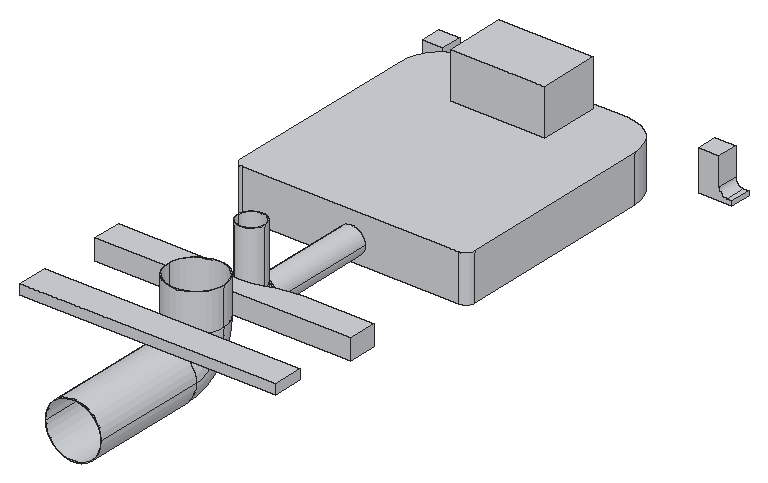
Revit family "Deca_Caixa de descarga embutida para drywall para bacia suspensa_Caixa embutida Hydra_2502.CX.AF", category Plumbing Fixtures, host Face, Revit 2019
Family settings
  Host = Face
  Round Connector Dimension = Use Radius
  Part Type = Normal
  Cut with Voids When Loaded = Yes
  Shared = No
  Room Calculation Point = No
Parameters (values of type "2502.CX.MC.AF")
  Visibilidade Mecanismo Interno = no
  Vazão na Pressão mín. (L/min) = "-"
  Vazão na Pressão máx. (L/min) = "-"
  URL = "www.deca.com.br"
  Tipo de rosca de saída = "BSP NBR 8133"
  Tipo de rosca de entrada = "BSP NBR 8133"
  Tipo de mecanismo utilizado = "-"
  Tipo de dispositivo economizador = "-"
  Segmento = "Válvula Hydra"
  Saída de Esgoto = "-"
  Raio Água Fria Saída = 20 mm  # constant formula
  Raio Água Fria = 7.5 mm  # constant formula
  Raio Ponto de Esgoto = 50 mm  # constant formula
  Pressão mín. funcionamento = "2 MCA"
  Pressão mín. Aquec. Passagem = "-"
  Pressão mín. Aquec. Acúmulo = "-"
  Pressão máx. funcionamento = "40 MCA"
  Peso Líquido (Kg) = 14.8
  Norma = "NBR15491"
  Model = "2502.CX.MC.AF"
  Manufacturer = "Deca"
  Linha = "Caixa embutida Hydra"
  Itens de Instalação = "4900.C.HPR.DUO; 4900.C.HSL.DUO; 4900.E.HSL.DUO.BR"
  Informações Complementares = "-"
  Diâmetro Água Fria Saída = 2 * Raio Água Fria Saída  # 40 mm
  Diâmetro Água Fria = 2 * Raio Água Fria  # 15 mm
  Diâmetro Ponto de Esgoto = 2 * Raio Ponto de Esgoto  # 100 mm
  Distância [instance] = 13.5 mm
  Description = "Caixa de descarga embutida para drywall para bacia suspensa"
  Default Elevation = 0 mm
  Código Pai = "2502.CX.AF"
  Criado por = "quattroD"
  Cores Componente = "-"
  Cor Secundária = "-"
  Cor Principal = "Não Possui"
  Cor Interna = "-"
  Consumo = "6 / 3 (lpf) - 1,6 / 0,8 (gpf)"
  Composição Componente = "-"
  Composição Básica = "Liga de Cobre (bronze e latão),Plásticos de Engenharia,Elastômeros"
  Composição Assento = "-"
  Composição Anel Vedação = "-"
  Categoria = "SISTEMAS DE DESCARGA"
  Atendimento ao Cliente = "0800-0117073"
  Aprovado por = "quattroD"
  Acompanha o Produto = "Acompanha varão para fixação do vaso; porcas e arruelas para fixação do vaso;  acabamento para as porcas; spud e canopla; Conexão para esgoto; suporte com chumbadores para fixação no piso"
Reference planes
  plane 1 "Center (Front/Back)": y = -527.87
  plane 2: z = 0
  plane 3 "Center (Left/Right)": x = 0
  plane 4: z = -13.5
  plane 5: z = -12.5
Forms (mm)
  Sweep 1, solid
    path origin (0, 0, -133.5) x (0, 1, 0) y (0, 0, 1)
      loop
        line (-200.599, 209.1) -> (-200.599, 100) -> (-200.599, 94.127)
        arc (-200.599, 94.127) -> (-192.38, 74.285) -> (-172.539, 66.067) r 28.06
        line (-172.539, 66.067) -> (-168.703, 66.067) -> (46.297, 66.067)
    profile origin (0, -200.599, -36.437) x (1, 0, 0) y (0, 1, 0)
      loop
        circle (0, 0) r 27
      loop
        circle (0, 0) r 26
  Sweep 2, solid, not visible
    path origin (0, 0, -132.5) x (0, 1, 0) y (0, 0, 1)
      loop
        line (-200.599, 209.1) -> (-200.599, 100) -> (-200.599, 94.127)
        arc (-200.599, 94.127) -> (-192.38, 74.285) -> (-172.539, 66.067) r 28.06
        line (-172.539, 66.067) -> (-168.703, 66.067) -> (46.297, 66.067)
    profile origin (0, -200.599, -35.437) x (1, 0, 0) y (0, 1, 0)
      loop
        circle (0, 0) r 27
      loop
        circle (0, 0) r 26
  Extrusion 3, void
    sketch origin (-250, 0, 0) x (1, 0, 0) y (0, 1, 0)
      loop
        circle (250, -200.599) r 27
      loop
        circle (250, -335.103) r 55
      loop
        line (158.103, 402.88) -> (341.897, 402.88) -> (342.103, 521.38) -> (157.897, 521.38) -> (158.103, 402.88)
    from -402.928 to 250
  Extrusion 4, solid
    sketch origin (0, 0, 0) x (1, 0, 0) y (0, 1, 0)
      loop
        line (-228.868, 451.874) -> (-228.868, 61.352)
        arc (-228.868, 61.352) -> (-223.814, 49.151) -> (-211.612, 44.097) r 17.256
        line (-211.612, 44.097) -> (211.603, 44.097)
        arc (211.603, 44.097) -> (223.799, 49.148) -> (228.851, 61.344) r 17.248
        line (228.851, 61.344) -> (228.851, 451.872)
        arc (228.851, 451.872) -> (205.514, 508.213) -> (149.173, 531.55) r 79.678
        line (149.173, 531.55) -> (-149.169, 531.55)
        arc (-149.169, 531.55) -> (-205.508, 508.213) -> (-228.868, 451.874) r 79.675
    from -104 to -13.5
  Sweep 5, solid
    path origin (0, 0, 0) x (0, 1, 0) y (0, 0, 1)
      loop
        line (-335.25, 38.854) -> (-335.25, -33.376)
        arc (-335.25, -33.376) -> (-355.546, -82.374) -> (-404.544, -102.669) r 69.294
        line (-404.544, -102.669) -> (-635.004, -102.669)
    profile origin (0, -335.25, 2.739) x (1, 0, 0) y (0, 1, 0)
      loop
        circle (0, 0) r 55
      loop
        circle (0, 0) r 54
  Extrusion 6, solid
    sketch origin (0, 0, 0) x (1, 0, 0) y (0, 1, 0)
      loop
        arc (-63.027, -220.206) -> (-86.225, -214.676) -> (-110, -212.817) r 153
        line (-110, -212.817) -> (-250, -212.817) -> (-250, -269.817) -> (250, -269.817) -> (250, -212.817) -> (110, -212.817)
        arc (110, -212.817) -> (86.225, -214.676) -> (63.027, -220.206) r 153
        line (63.027, -220.206) -> (43.595, -226.475)
        arc (43.595, -226.475) -> (21.862, -231.639) -> (-0.413, -233.332) r 142
        arc (-0.413, -233.332) -> (-22.27, -231.575) -> (-43.595, -226.475) r 142
        line (-43.595, -226.475) -> (-63.027, -220.206)
    from -53.5 to -13.5
  Extrusion 7, solid, not visible
    sketch origin (0, 0, 1) x (1, 0, 0) y (0, 1, 0)
      loop
        line (-228.868, 451.874) -> (-228.868, 61.352)
        arc (-228.868, 61.352) -> (-223.814, 49.151) -> (-211.612, 44.097) r 17.256
        line (-211.612, 44.097) -> (211.603, 44.097)
        arc (211.603, 44.097) -> (223.799, 49.148) -> (228.851, 61.344) r 17.248
        line (228.851, 61.344) -> (228.851, 451.872)
        arc (228.851, 451.872) -> (205.514, 508.213) -> (149.173, 531.55) r 79.678
        line (149.173, 531.55) -> (-149.169, 531.55)
        arc (-149.169, 531.55) -> (-205.508, 508.213) -> (-228.868, 451.874) r 79.675
    from -104 to -13.5
  Sweep 8, solid, not visible
    path origin (0, 0, 1) x (0, 1, 0) y (0, 0, 1)
      loop
        line (-335.25, 38.854) -> (-335.25, -33.376)
        arc (-335.25, -33.376) -> (-355.546, -82.374) -> (-404.544, -102.669) r 69.294
        line (-404.544, -102.669) -> (-635.004, -102.669)
    profile origin (0, -335.25, 3.739) x (1, 0, 0) y (0, 1, 0)
      loop
        circle (0, 0) r 55
      loop
        circle (0, 0) r 54
  Extrusion 9, solid, not visible
    sketch origin (0, 0, 1) x (1, 0, 0) y (0, 1, 0)
      loop
        arc (-63.027, -220.206) -> (-86.225, -214.676) -> (-110, -212.817) r 153
        line (-110, -212.817) -> (-250, -212.817) -> (-250, -269.817) -> (250, -269.817) -> (250, -212.817) -> (110, -212.817)
        arc (110, -212.817) -> (86.225, -214.676) -> (63.027, -220.206) r 153
        line (63.027, -220.206) -> (43.595, -226.475)
        arc (43.595, -226.475) -> (21.862, -231.639) -> (-0.413, -233.332) r 142
        arc (-0.413, -233.332) -> (-22.27, -231.575) -> (-43.595, -226.475) r 142
        line (-43.595, -226.475) -> (-63.027, -220.206)
    from -53.5 to -13.5
  Extrusion 10, solid
    sketch origin (0, 0, 0) x (1, 0, 0) y (0, 1, 0)
      loop
        line (-250, -452.817) -> (250, -452.817) -> (250, -392.817) -> (-250, -392.817) -> (-250, -452.817)
    from -33.5 to -13.5
  Extrusion 11, solid, not visible
    sketch origin (0, 0, 1) x (1, 0, 0) y (0, 1, 0)
      loop
        line (-250, -452.817) -> (250, -452.817) -> (250, -392.817) -> (-250, -392.817) -> (-250, -452.817)
    from -33.5 to -13.5
  Extrusion 12, solid
    sketch origin (-315, 582.13, -163.5) x (1, 0, 0) y (0, 0, 1)
      loop
        line (65, 30) -> (65, 110) -> (24.942, 110) -> (24.942, 54.942)
        arc (24.942, 54.942) -> (20.566, 44.376) -> (10, 40) r 14.942
        line (10, 40) -> (0, 40) -> (0, 30) -> (65, 30)
      loop
        line (565, 30) -> (630, 30) -> (630, 40) -> (620, 40)
        arc (620, 40) -> (609.434, 44.376) -> (605.058, 54.942) r 14.942
        line (605.058, 54.942) -> (605.058, 110) -> (565, 110) -> (565, 30)
    from -40 to 0
  Extrusion 13, solid, not visible
    sketch origin (-315, 582.13, -162.5) x (1, 0, 0) y (0, 0, 1)
      loop
        line (65, 30) -> (65, 110) -> (24.942, 110) -> (24.942, 54.942)
        arc (24.942, 54.942) -> (20.566, 44.376) -> (10, 40) r 14.942
        line (10, 40) -> (0, 40) -> (0, 30) -> (65, 30)
      loop
        line (565, 30) -> (630, 30) -> (630, 40) -> (620, 40)
        arc (620, 40) -> (609.434, 44.376) -> (605.058, 54.942) r 14.942
        line (605.058, 54.942) -> (605.058, 110) -> (565, 110) -> (565, 30)
    from -40 to 0
  Extrusion 14, solid
    sketch origin (0, 0, 0) x (1, 0, 0) y (0, 1, 0)
      loop
        line (-92.103, 402.88) -> (91.897, 402.88) -> (92.103, 521.38) -> (-91.897, 521.38) -> (-92.103, 402.88)
    from -13.5 to 76.63
  Extrusion 15, solid
    sketch origin (0, -527.87, 0) x (1, 0, 0) y (0, 0, 1)
      loop
        circle (-67.5, -67.488) r 15
    from -1092.25 to -1059.42
  Extrusion 16, solid, not visible
    sketch origin (0, -527.87, 1) x (1, 0, 0) y (0, 0, 1)
      loop
        circle (-67.5, -67.488) r 15
    from -1092.25 to -1059.42
  Extrusion 17, solid, not visible
    sketch origin (0, 0, 1) x (1, 0, 0) y (0, 1, 0)
      loop
        line (-92.103, 402.88) -> (91.897, 402.88) -> (92.103, 521.38) -> (-91.897, 521.38) -> (-92.103, 402.88)
    from -13.5 to 76.63
Cuts and joins
  joined: Sweep 1, Extrusion 4
Lines and regions (mm)
  Masking region 1, visible <- "Visibilidade Mecanismo Interno", detail levels fine
    outline origin (-2385.813, -1420.193, 0) x (1, 0, 0) y (0, 1, 0)
      loop
        line (2135.813, 1824.785) -> (2135.813, 1207.376) -> (2275.813, 1207.376)
        arc (2275.813, 1207.376) -> (2299.588, 1205.518) -> (2322.786, 1199.987) r 153
        line (2322.786, 1199.987) -> (2342.218, 1193.719)
        arc (2342.218, 1193.719) -> (2348.352, 1191.891) -> (2354.563, 1190.342) r 142
        line (2354.563, 1190.342) -> (2354.563, 1196.36) -> (2359.338, 1196.36)
        arc (2359.338, 1196.36) -> (2350.236, 1218.894) -> (2357.713, 1242.017) r 35.6
        line (2357.713, 1242.017) -> (2357.713, 1320.16) -> (2357.713, 1420.16) -> (2360.784, 1420.16)
        arc (2360.784, 1420.16) -> (2360.145, 1421.856) -> (2359.03, 1423.284) r 6
        arc (2359.03, 1423.284) -> (2356.722, 1426.581) -> (2355.895, 1430.518) r 10
        line (2355.895, 1430.518) -> (2355.826, 1446.376) -> (2342.813, 1446.376)
        arc (2342.813, 1446.376) -> (2342.106, 1446.083) -> (2341.813, 1445.376) r 1
        line (2341.813, 1445.376) -> (2341.813, 1387.842) -> (2340.813, 1386.639) -> (2339.41, 1386.376) -> (2308.498, 1386.376)
        spline (2308.498, 1386.376) -> (2306.588, 1386.5) -> (2304.7, 1386.867) -> (2302.879, 1387.469) -> (2301.151, 1388.301) -> (2299.538, 1389.348) -> (2298.078, 1390.587) -> (2296.785, 1392.009) -> (2295.683, 1393.582) -> (2294.795, 1395.279) -> (2294.127, 1397.083) -> (2293.696, 1398.95) -> (2293.508, 1400.853)
        line (2293.508, 1400.853) -> (2291.719, 1452.076) -> (2211.313, 1452.076)
        arc (2211.313, 1452.076) -> (2209.192, 1452.955) -> (2208.313, 1455.076) r 3
        line (2208.313, 1455.076) -> (2208.313, 1459.977) -> (2168.866, 1463.428)
        spline (2168.866, 1463.428) -> (2167.651, 1463.61) -> (2166.465, 1463.941) -> (2165.333, 1464.412) -> (2164.265, 1465.021) -> (2163.279, 1465.755) -> (2162.393, 1466.603) -> (2161.615, 1467.557) -> (2160.961, 1468.595) -> (2160.44, 1469.708) -> (2160.058, 1470.877) -> (2159.823, 1472.081) -> (2159.737, 1473.302)
        line (2159.737, 1473.302) -> (2159.672, 1480.787) -> (2156.944, 1793.376) -> (2167.97, 1793.377) -> (2167.97, 1824.785) -> (2135.813, 1824.785)
      loop
        line (2135.813, 962.376) -> (2135.813, 967.376) -> (2335.813, 967.376) -> (2335.813, 785.242)
        spline (2335.813, 785.242) -> (2337.517, 785.22) -> (2342.512, 785.199) -> (2350.458, 785.181) -> (2360.813, 785.167) -> (2372.872, 785.158) -> (2385.813, 785.155) -> (2398.754, 785.158) -> (2410.813, 785.167) -> (2421.169, 785.181) -> (2429.115, 785.199) -> (2434.11, 785.22) -> (2435.813, 785.242)
        line (2435.813, 785.242) -> (2435.813, 967.376) -> (2635.813, 967.376) -> (2635.813, 962.376) -> (2638.313, 962.376) -> (2638.313, 896.376) -> (2590.813, 896.376) -> (2590.813, 892.376) -> (2675.813, 892.376) -> (2675.813, 896.376) -> (2673.313, 896.376) -> (2673.313, 962.376) -> (2675.813, 962.376) -> (2675.813, 2002.376) -> (2691.813, 2002.376) -> (2698.813, 2002.376)
        arc (2698.813, 2002.376) -> (2700.228, 2002.962) -> (2700.813, 2004.376) r 2
        line (2700.813, 2004.376) -> (2700.813, 2040.376)
        arc (2700.813, 2040.376) -> (2700.228, 2041.791) -> (2698.813, 2042.376) r 2
        line (2698.813, 2042.376) -> (2691.813, 2042.376) -> (2635.813, 2042.376) -> (2635.813, 2039.376) -> (2135.813, 2039.376) -> (2135.813, 2042.376) -> (2079.813, 2042.376) -> (2072.813, 2042.376)
        arc (2072.813, 2042.376) -> (2071.399, 2041.791) -> (2070.813, 2040.376) r 2
        line (2070.813, 2040.376) -> (2070.813, 2004.376)
        arc (2070.813, 2004.376) -> (2071.399, 2002.962) -> (2072.813, 2002.376) r 2
        line (2072.813, 2002.376) -> (2079.813, 2002.376) -> (2095.813, 2002.376) -> (2095.813, 962.376) -> (2098.313, 962.376) -> (2098.313, 896.376) -> (2095.813, 896.376) -> (2095.813, 892.376) -> (2180.813, 892.376) -> (2180.813, 896.376) -> (2133.313, 896.376) -> (2133.313, 962.376) -> (2135.813, 962.376)
      loop
        line (2135.813, 1150.376) -> (2135.813, 1027.376) -> (2340.663, 1027.376) -> (2340.663, 1039.143)
        spline (2340.663, 1039.143) -> (2334.024, 1046.775) -> (2328.661, 1055.351) -> (2324.706, 1064.661) -> (2322.256, 1074.475) -> (2321.373, 1084.551) -> (2322.077, 1094.642) -> (2324.351, 1104.498) -> (2328.139, 1113.877) -> (2333.349, 1122.548) -> (2339.851, 1130.296) -> (2347.485, 1136.932) -> (2356.064, 1142.291)
        line (2356.064, 1142.291) -> (2356.064, 1150.376) -> (2135.813, 1150.376)
      loop
        line (2135.813, 2009.376) -> (2135.813, 1941.626) -> (2187.313, 1941.626) -> (2187.313, 1974.126)
        spline (2187.313, 1974.126) -> (2187.366, 1975.11) -> (2187.523, 1976.081) -> (2187.781, 1977.03) -> (2188.138, 1977.946) -> (2188.591, 1978.818) -> (2189.133, 1979.636) -> (2189.759, 1980.393) -> (2190.461, 1981.078) -> (2191.231, 1981.684) -> (2192.061, 1982.206) -> (2192.941, 1982.638) -> (2193.861, 1982.973)
        spline (2193.861, 1982.973) -> (2197.575, 1984.008) -> (2201.336, 1984.858) -> (2205.133, 1985.521) -> (2208.959, 1985.996) -> (2212.803, 1986.281) -> (2216.656, 1986.376) -> (2220.51, 1986.281) -> (2224.354, 1985.996) -> (2228.179, 1985.521) -> (2231.977, 1984.858) -> (2235.737, 1984.008) -> (2239.451, 1982.973)
        spline (2239.451, 1982.973) -> (2240.31, 1982.664) -> (2241.135, 1982.271) -> (2241.916, 1981.799) -> (2242.648, 1981.252) -> (2243.322, 1980.635) -> (2243.933, 1979.954) -> (2244.474, 1979.216) -> (2244.939, 1978.428) -> (2245.324, 1977.597) -> (2245.625, 1976.732) -> (2245.84, 1975.841) -> (2245.965, 1974.932)
        line (2245.965, 1974.932) -> (2247.907, 1952.726) -> (2248.924, 1951.376) -> (2294.313, 1951.376)
        arc (2294.313, 1951.376) -> (2295.728, 1951.962) -> (2296.313, 1953.376) r 2
        line (2296.313, 1953.376) -> (2296.313, 1957.376)
        arc (2296.313, 1957.376) -> (2296.899, 1958.791) -> (2298.313, 1959.376) r 2
        line (2298.313, 1959.376) -> (2300.414, 1959.376) -> (2300.24, 1962.358)
        arc (2300.24, 1962.358) -> (2300.801, 1963.27) -> (2301.81, 1963.626) r 1.606
        line (2301.81, 1963.626) -> (2307.513, 1963.626) -> (2307.513, 1984.626) -> (2329.113, 1984.626) -> (2329.113, 1963.626) -> (2334.816, 1963.626)
        arc (2334.816, 1963.626) -> (2335.825, 1963.27) -> (2336.386, 1962.358) r 1.606
        line (2336.386, 1962.358) -> (2336.212, 1959.376) -> (2338.313, 1959.376)
        arc (2338.313, 1959.376) -> (2339.728, 1958.791) -> (2340.313, 1957.376) r 2
        line (2340.313, 1957.376) -> (2340.313, 1953.376)
        arc (2340.313, 1953.376) -> (2340.899, 1951.962) -> (2342.313, 1951.376) r 2
        line (2342.313, 1951.376) -> (2361.813, 1951.376)
        arc (2361.813, 1951.376) -> (2363.228, 1951.962) -> (2363.813, 1953.376) r 2
        line (2363.813, 1953.376) -> (2363.813, 1957.376)
        arc (2363.813, 1957.376) -> (2364.399, 1958.791) -> (2365.813, 1959.376) r 2
        line (2365.813, 1959.376) -> (2405.813, 1959.376)
        arc (2405.813, 1959.376) -> (2407.228, 1958.791) -> (2407.813, 1957.376) r 2
        line (2407.813, 1957.376) -> (2407.813, 1953.376)
        arc (2407.813, 1953.376) -> (2408.399, 1951.962) -> (2409.813, 1951.376) r 2
        line (2409.813, 1951.376) -> (2429.313, 1951.376)
        arc (2429.313, 1951.376) -> (2430.728, 1951.962) -> (2431.313, 1953.376) r 2
        line (2431.313, 1953.376) -> (2431.313, 1957.376)
        arc (2431.313, 1957.376) -> (2431.899, 1958.791) -> (2433.313, 1959.376) r 2
        line (2433.313, 1959.376) -> (2473.313, 1959.376)
        arc (2473.313, 1959.376) -> (2474.728, 1958.791) -> (2475.313, 1957.376) r 2
        line (2475.313, 1957.376) -> (2475.313, 1953.376)
        arc (2475.313, 1953.376) -> (2475.899, 1951.962) -> (2477.313, 1951.376) r 2
        line (2477.313, 1951.376) -> (2515.874, 1951.376) -> (2522.702, 1951.376) -> (2523.719, 1952.726) -> (2525.662, 1974.932)
        spline (2525.662, 1974.932) -> (2525.787, 1975.841) -> (2526.002, 1976.732) -> (2526.303, 1977.597) -> (2526.688, 1978.428) -> (2527.153, 1979.216) -> (2527.694, 1979.954) -> (2528.304, 1980.635) -> (2528.978, 1981.252) -> (2529.71, 1981.798) -> (2530.492, 1982.271) -> (2531.316, 1982.664) -> (2532.175, 1982.973)
        spline (2532.175, 1982.973) -> (2535.889, 1984.008) -> (2539.649, 1984.857) -> (2543.447, 1985.521) -> (2547.272, 1985.996) -> (2551.116, 1986.281) -> (2554.97, 1986.376) -> (2558.823, 1986.281) -> (2562.667, 1985.996) -> (2566.493, 1985.521) -> (2570.29, 1984.858) -> (2574.051, 1984.008) -> (2577.765, 1982.973)
        spline (2577.765, 1982.973) -> (2578.685, 1982.638) -> (2579.565, 1982.206) -> (2580.395, 1981.685) -> (2581.166, 1981.078) -> (2581.867, 1980.393) -> (2582.493, 1979.636) -> (2583.035, 1978.818) -> (2583.488, 1977.946) -> (2583.845, 1977.03) -> (2584.104, 1976.081) -> (2584.261, 1975.11) -> (2584.313, 1974.126)
        line (2584.313, 1974.126) -> (2584.324, 1924.557)
        spline (2584.324, 1924.557) -> (2586.891, 1921.314) -> (2589.281, 1917.925) -> (2591.483, 1914.407) -> (2593.489, 1910.775) -> (2595.289, 1907.046) -> (2596.873, 1903.233) -> (2598.245, 1899.33) -> (2599.402, 1895.348) -> (2600.34, 1891.305) -> (2601.055, 1887.22) -> (2601.543, 1883.111) -> (2601.801, 1878.994)
        line (2601.801, 1878.994) -> (2603.427, 1832.43) -> (2603.813, 1841.376)
        arc (2603.813, 1841.376) -> (2605.278, 1844.912) -> (2608.813, 1846.376) r 5
        line (2608.813, 1846.376) -> (2635.813, 1846.376) -> (2635.813, 2009.376) -> (2135.813, 2009.376)
      loop
        line (2463.128, 1386.376) -> (2432.216, 1386.376) -> (2430.813, 1386.639) -> (2429.813, 1387.842) -> (2429.813, 1445.359)
        spline (2429.813, 1445.359) -> (2429.807, 1445.491) -> (2429.783, 1445.621) -> (2429.742, 1445.747) -> (2429.685, 1445.866) -> (2429.613, 1445.977) -> (2429.527, 1446.077) -> (2429.428, 1446.165) -> (2429.319, 1446.239) -> (2429.2, 1446.298) -> (2429.075, 1446.341) -> (2428.946, 1446.368) -> (2428.814, 1446.376)
        line (2428.814, 1446.376) -> (2415.801, 1446.376) -> (2415.731, 1430.518)
        arc (2415.731, 1430.518) -> (2414.905, 1426.581) -> (2412.593, 1423.287) r 10
        arc (2412.593, 1423.287) -> (2411.481, 1421.856) -> (2410.843, 1420.16) r 6
        line (2410.843, 1420.16) -> (2413.913, 1420.16) -> (2413.913, 1244.475)
        arc (2413.913, 1244.475) -> (2419.196, 1240.827) -> (2420.703, 1234.587) r 9
        line (2420.703, 1234.587) -> (2420.087, 1229.785)
        arc (2420.087, 1229.785) -> (2420.482, 1212.071) -> (2412.288, 1196.36) r 35.6
        line (2412.288, 1196.36) -> (2416.563, 1196.36)
        arc (2416.563, 1196.36) -> (2416.917, 1196.213) -> (2417.063, 1195.86) r 0.5
        line (2417.063, 1195.86) -> (2417.063, 1190.342)
        arc (2417.063, 1190.342) -> (2423.274, 1191.891) -> (2429.409, 1193.719) r 142
        line (2429.409, 1193.719) -> (2448.841, 1199.987)
        arc (2448.841, 1199.987) -> (2472.038, 1205.518) -> (2495.813, 1207.376) r 153
        line (2495.813, 1207.376) -> (2635.813, 1207.376) -> (2635.813, 1796.376) -> (2614.709, 1796.376) -> (2611.889, 1473.302)
        spline (2611.889, 1473.302) -> (2611.803, 1472.081) -> (2611.569, 1470.877) -> (2611.186, 1469.708) -> (2610.665, 1468.595) -> (2610.012, 1467.557) -> (2609.233, 1466.603) -> (2608.348, 1465.755) -> (2607.362, 1465.021) -> (2606.293, 1464.412) -> (2605.161, 1463.941) -> (2603.975, 1463.61) -> (2602.761, 1463.428)
        line (2602.761, 1463.428) -> (2563.313, 1459.977) -> (2563.313, 1455.076)
        arc (2563.313, 1455.076) -> (2562.435, 1452.955) -> (2560.313, 1452.076) r 3
        line (2560.313, 1452.076) -> (2479.908, 1452.076) -> (2478.119, 1400.853)
        spline (2478.119, 1400.853) -> (2477.928, 1398.944) -> (2477.496, 1397.071) -> (2476.831, 1395.276) -> (2475.938, 1393.574) -> (2474.838, 1392.002) -> (2473.546, 1390.586) -> (2472.081, 1389.342) -> (2470.474, 1388.299) -> (2468.742, 1387.468) -> (2466.921, 1386.864) -> (2465.04, 1386.499) -> (2463.128, 1386.376)
      loop
        line (2635.813, 1150.376) -> (2415.563, 1150.376) -> (2415.563, 1142.291)
        spline (2415.563, 1142.291) -> (2424.141, 1136.932) -> (2431.776, 1130.296) -> (2438.278, 1122.548) -> (2443.487, 1113.877) -> (2447.276, 1104.498) -> (2449.55, 1094.642) -> (2450.254, 1084.551) -> (2449.37, 1074.475) -> (2446.921, 1064.661) -> (2442.966, 1055.351) -> (2437.602, 1046.775) -> (2430.963, 1039.143)
        line (2430.963, 1039.143) -> (2430.963, 1027.376) -> (2635.813, 1027.376) -> (2635.813, 1150.376)
  Masking region 2, visible <- "Visibilidade Mecanismo Interno", detail levels fine
    outline origin (0, -2604.704, -2776.959) x (0, 1, 0) y (0, 0, 1)
      loop
        line (2076.845, 2724.477) -> (1969.623, 2724.29) -> (1969.798, 2624.29) -> (2224.648, 2624.734)
        arc (2224.648, 2624.734) -> (2278.066, 2642.345) -> (2310.698, 2688.159) r 90.3
        arc (2310.698, 2688.159) -> (2312.931, 2682.133) -> (2316.207, 2676.604) r 35.713
        line (2316.207, 2676.604) -> (2316.235, 2660.894) -> (2319.235, 2660.9) -> (2319.214, 2672.595) -> (2320.37, 2671.027)
        spline (2320.37, 2671.027) -> (2320.625, 2670.706) -> (2320.899, 2670.407) -> (2321.191, 2670.131) -> (2321.5, 2669.881) -> (2321.823, 2669.657) -> (2322.16, 2669.46) -> (2322.508, 2669.292) -> (2322.865, 2669.154) -> (2323.231, 2669.046) -> (2323.602, 2668.969) -> (2323.976, 2668.923) -> (2324.353, 2668.909)
        line (2324.353, 2668.909) -> (2328.609, 2668.916) -> (2328.721, 2643.43) -> (2380.623, 2643.43) -> (2380.746, 2690.485) -> (2387.767, 2706.058)
        arc (2387.767, 2706.058) -> (2408.921, 2687.892) -> (2436.028, 2681.359) r 59.5
        line (2436.028, 2681.359) -> (2600.845, 2681.359) -> (2600.845, 2671.935) -> (2630.845, 2671.412) -> (2630.845, 2670.456)
        arc (2630.845, 2670.456) -> (2631.136, 2669.75) -> (2631.842, 2669.456) r 1
        line (2631.842, 2669.456) -> (2647.703, 2669.413)
        arc (2647.703, 2669.413) -> (2650.377, 2668.641) -> (2653.147, 2668.375) r 15
        line (2653.147, 2668.375) -> (2992.864, 2667.459) -> (2992.875, 2671.557) -> (3008.845, 2671.511) -> (3125.925, 2673.555)
        arc (3125.925, 2673.555) -> (3132.751, 2676.354) -> (3135.881, 2683.035) r 10.155
        line (3135.881, 2683.035) -> (3136.683, 2683.106)
        arc (3136.683, 2683.106) -> (3137.544, 2683.656) -> (3138.094, 2684.516) r 2.378
        arc (3138.094, 2684.516) -> (3138.299, 2685.985) -> (3138.462, 2687.459) r 52.209
        line (3138.462, 2687.459) -> (3141.845, 2687.459)
        arc (3141.845, 2687.459) -> (3143.259, 2688.045) -> (3143.845, 2689.459) r 2
        line (3143.845, 2689.459) -> (3143.845, 2691.56) -> (3146.827, 2691.386)
        arc (3146.827, 2691.386) -> (3147.738, 2691.947) -> (3148.095, 2692.956) r 1.606
        line (3148.095, 2692.956) -> (3148.095, 2699.306) -> (3169.095, 2699.306) -> (3169.095, 2719.919) -> (3148.095, 2719.919) -> (3148.095, 2723.459) -> (3202.305, 2723.459) -> (3202.305, 2718.459) -> (3186.845, 2718.459) -> (3186.845, 2643.459) -> (3226.845, 2643.459) -> (3226.845, 2718.459) -> (3211.384, 2718.459) -> (3211.384, 2723.459) -> (3226.845, 2723.459) -> (3226.845, 2763.459) -> (2542.754, 2763.459) -> (2146.845, 2763.459) -> (2146.845, 2760.959) -> (2080.845, 2760.959) -> (2080.845, 2763.459) -> (2076.845, 2763.459) -> (2076.845, 2724.477)
  Masking region 3, visible <- "Visibilidade Mecanismo Interno", detail levels fine
    outline origin (1945.503, -527.87, -2227.409) x (-1, 0, 0) y (0, 0, 1)
      loop
        spline (1896.028, 2117.909) -> (1899.12, 2106.466) -> (1904.818, 2096.073) -> (1912.803, 2087.313) -> (1922.626, 2080.679) -> (1933.733, 2076.543) -> (1945.503, 2075.138) -> (1957.272, 2076.543) -> (1968.38, 2080.679) -> (1978.203, 2087.313) -> (1986.187, 2096.073) -> (1991.886, 2106.466) -> (1994.977, 2117.909)
        line (1994.977, 2117.909) -> (2146.028, 2117.909) -> (2148.355, 2118.949) -> (2164.372, 2118.949)
        arc (2164.372, 2118.949) -> (2169.108, 2120.1) -> (2172.688, 2123.409) r 9.706
        line (2172.688, 2123.409) -> (2174.003, 2123.409)
        arc (2174.003, 2123.409) -> (2174.356, 2123.555) -> (2174.503, 2123.909) r 0.5
        line (2174.503, 2123.909) -> (2174.503, 2129.928) -> (2178.896, 2137.537)
        arc (2178.896, 2137.537) -> (2177.459, 2148.409) -> (2187.592, 2152.599) r 9
        line (2187.592, 2152.599) -> (2189.503, 2155.909) -> (2189.503, 2165.909) -> (2195.503, 2165.909) -> (2195.503, 2159.909) -> (2198.503, 2159.909) -> (2198.503, 2155.609) -> (2195.503, 2155.609) -> (2195.503, 2093.909) -> (2260.503, 2093.909) -> (2260.503, 2102.909)
        arc (2260.503, 2102.909) -> (2260.21, 2103.616) -> (2259.503, 2103.909) r 1
        line (2259.503, 2103.909) -> (2251.509, 2103.909)
        arc (2251.509, 2103.909) -> (2240.899, 2108.3) -> (2236.503, 2118.909) r 15
        line (2236.503, 2118.909) -> (2236.503, 2168.909) -> (2214.003, 2168.909) -> (2214.003, 2173.909) -> (2233.503, 2173.909)
        arc (2233.503, 2173.909) -> (2234.917, 2174.494) -> (2235.503, 2175.909) r 2
        line (2235.503, 2175.909) -> (2235.503, 2211.909)
        arc (2235.503, 2211.909) -> (2234.917, 2213.323) -> (2233.503, 2213.909) r 2
        line (2233.503, 2213.909) -> (1940.525, 2213.909) -> (1657.503, 2213.909)
        arc (1657.503, 2213.909) -> (1656.089, 2213.323) -> (1655.503, 2211.909) r 2
        line (1655.503, 2211.909) -> (1655.503, 2175.909)
        arc (1655.503, 2175.909) -> (1656.089, 2174.494) -> (1657.503, 2173.909) r 2
        line (1657.503, 2173.909) -> (1677.003, 2173.909) -> (1677.003, 2168.909) -> (1654.503, 2168.909) -> (1654.503, 2118.909)
        arc (1654.503, 2118.909) -> (1650.107, 2108.3) -> (1639.496, 2103.909) r 15
        line (1639.496, 2103.909) -> (1631.503, 2103.909)
        arc (1631.503, 2103.909) -> (1630.796, 2103.616) -> (1630.503, 2102.909) r 1
        line (1630.503, 2102.909) -> (1630.503, 2093.909) -> (1695.503, 2093.909) -> (1695.503, 2155.609) -> (1692.503, 2155.609) -> (1692.503, 2159.909) -> (1695.503, 2159.909) -> (1695.503, 2165.909) -> (1701.503, 2165.909) -> (1701.503, 2155.909) -> (1703.414, 2152.599)
        arc (1703.414, 2152.599) -> (1713.547, 2148.409) -> (1712.11, 2137.537) r 9
        line (1712.11, 2137.537) -> (1716.503, 2129.928) -> (1716.503, 2123.909)
        arc (1716.503, 2123.909) -> (1716.649, 2123.555) -> (1717.003, 2123.409) r 0.5
        line (1717.003, 2123.409) -> (1718.318, 2123.409)
        arc (1718.318, 2123.409) -> (1721.897, 2120.1) -> (1726.634, 2118.949) r 9.706
        line (1726.634, 2118.949) -> (1742.65, 2118.949) -> (1744.977, 2117.909) -> (1896.028, 2117.909)
  Masking region 4, visible <- "Visibilidade Mecanismo Interno", not visible, detail levels fine
    outline origin (0, -2604.704, -2643.459) x (0, 1, 0) y (0, 0, 1)
      loop
        line (2076.845, 2724.477) -> (1969.623, 2724.29) -> (1969.798, 2624.29) -> (2224.648, 2624.734)
        arc (2224.648, 2624.734) -> (2278.066, 2642.345) -> (2310.698, 2688.159) r 90.3
        arc (2310.698, 2688.159) -> (2312.931, 2682.133) -> (2316.207, 2676.604) r 35.713
        line (2316.207, 2676.604) -> (2316.235, 2660.894) -> (2319.235, 2660.9) -> (2319.214, 2672.595) -> (2320.37, 2671.027)
        spline (2320.37, 2671.027) -> (2320.625, 2670.706) -> (2320.899, 2670.407) -> (2321.191, 2670.131) -> (2321.5, 2669.881) -> (2321.823, 2669.657) -> (2322.16, 2669.46) -> (2322.508, 2669.292) -> (2322.865, 2669.154) -> (2323.231, 2669.046) -> (2323.602, 2668.969) -> (2323.976, 2668.923) -> (2324.353, 2668.909)
        line (2324.353, 2668.909) -> (2328.609, 2668.916) -> (2328.721, 2643.43) -> (2380.623, 2643.43) -> (2380.746, 2690.485) -> (2387.767, 2706.058)
        arc (2387.767, 2706.058) -> (2408.921, 2687.892) -> (2436.028, 2681.359) r 59.5
        line (2436.028, 2681.359) -> (2600.845, 2681.359) -> (2600.845, 2671.935) -> (2630.845, 2671.412) -> (2630.845, 2670.456)
        arc (2630.845, 2670.456) -> (2631.136, 2669.75) -> (2631.842, 2669.456) r 1
        line (2631.842, 2669.456) -> (2647.703, 2669.413)
        arc (2647.703, 2669.413) -> (2650.377, 2668.641) -> (2653.147, 2668.375) r 15
        line (2653.147, 2668.375) -> (2992.864, 2667.459) -> (2992.875, 2671.557) -> (3008.845, 2671.511) -> (3125.925, 2673.555)
        arc (3125.925, 2673.555) -> (3132.751, 2676.354) -> (3135.881, 2683.035) r 10.155
        line (3135.881, 2683.035) -> (3136.683, 2683.106)
        arc (3136.683, 2683.106) -> (3137.544, 2683.656) -> (3138.094, 2684.516) r 2.378
        arc (3138.094, 2684.516) -> (3138.299, 2685.985) -> (3138.462, 2687.459) r 52.209
        line (3138.462, 2687.459) -> (3141.845, 2687.459)
        arc (3141.845, 2687.459) -> (3143.259, 2688.045) -> (3143.845, 2689.459) r 2
        line (3143.845, 2689.459) -> (3143.845, 2691.56) -> (3146.827, 2691.386)
        arc (3146.827, 2691.386) -> (3147.738, 2691.947) -> (3148.095, 2692.956) r 1.606
        line (3148.095, 2692.956) -> (3148.095, 2699.306) -> (3169.095, 2699.306) -> (3169.095, 2719.919) -> (3148.095, 2719.919) -> (3148.095, 2723.459) -> (3202.305, 2723.459) -> (3202.305, 2718.459) -> (3186.845, 2718.459) -> (3186.845, 2643.459) -> (3226.845, 2643.459) -> (3226.845, 2718.459) -> (3211.384, 2718.459) -> (3211.384, 2723.459) -> (3226.845, 2723.459) -> (3226.845, 2763.459) -> (2542.754, 2763.459) -> (2146.845, 2763.459) -> (2146.845, 2760.959) -> (2080.845, 2760.959) -> (2080.845, 2763.459) -> (2076.845, 2763.459) -> (2076.845, 2724.477)
  Masking region 5, visible <- "Visibilidade Mecanismo Interno", detail levels fine
    outline origin (0, 0, -133.5) x (0, 1, 0) y (0, 0, 1)
      loop
        line (-385.949, 120) -> (-284.363, 120) -> (-280.24, 172.45) -> (-390.24, 172.258) -> (-385.949, 120)
      loop
        line (-164.476, 209.1) -> (-235.676, 209.1) -> (-229.202, 135.1) -> (-230.826, 135.1)
        arc (-230.826, 135.1) -> (-231.887, 134.661) -> (-232.326, 133.6) r 1.5
        line (-232.326, 133.6) -> (-232.326, 129.1)
        arc (-232.326, 129.1) -> (-232.18, 128.746) -> (-231.826, 128.6) r 0.5
        arc (-231.826, 128.6) -> (-232.054, 127.835) -> (-232.263, 127.065) r 31.491
        arc (-232.263, 127.065) -> (-232.772, 123.515) -> (-232.056, 120) r 10.5
        line (-232.056, 120) -> (-168.097, 120)
        arc (-168.097, 120) -> (-167.381, 123.515) -> (-167.89, 127.065) r 10.5
        arc (-167.89, 127.065) -> (-168.098, 127.835) -> (-168.326, 128.6) r 31.491
        arc (-168.326, 128.6) -> (-167.973, 128.746) -> (-167.826, 129.1) r 0.5
        line (-167.826, 129.1) -> (-167.826, 133.6)
        arc (-167.826, 133.6) -> (-168.266, 134.661) -> (-169.326, 135.1) r 1.5
        line (-169.326, 135.1) -> (-170.95, 135.1) -> (-164.476, 209.1)
      loop
        spline (410.394, 260.13) -> (410.196, 260.12) -> (410, 260.091) -> (409.808, 260.042) -> (409.621, 259.975) -> (409.442, 259.889) -> (409.273, 259.786) -> (409.114, 259.667) -> (408.969, 259.533) -> (408.837, 259.385) -> (408.72, 259.224) -> (408.62, 259.053) -> (408.537, 258.873)
        line (408.537, 258.873) -> (406.111, 252.807)
        spline (406.111, 252.807) -> (406.057, 252.666) -> (406.007, 252.523) -> (405.962, 252.379) -> (405.921, 252.233) -> (405.884, 252.086) -> (405.852, 251.939) -> (405.824, 251.79) -> (405.801, 251.64) -> (405.783, 251.49) -> (405.769, 251.34) -> (405.759, 251.189) -> (405.754, 251.038)
        line (405.754, 251.038) -> (405.04, 210.13) -> (402.89, 210.13) -> (402.89, 125.027) -> (396.89, 125.016) -> (396.89, 120) -> (527.39, 120) -> (527.39, 125.016) -> (521.39, 125.027) -> (521.39, 210.13) -> (519.24, 210.13) -> (518.526, 251.038)
        spline (518.526, 251.038) -> (518.521, 251.189) -> (518.512, 251.34) -> (518.498, 251.49) -> (518.479, 251.64) -> (518.456, 251.79) -> (518.428, 251.939) -> (518.396, 252.086) -> (518.359, 252.233) -> (518.318, 252.379) -> (518.273, 252.523) -> (518.223, 252.666) -> (518.169, 252.807)
        line (518.169, 252.807) -> (515.743, 258.873)
        arc (515.743, 258.873) -> (515.007, 259.786) -> (513.886, 260.13) r 2
        line (513.886, 260.13) -> (507.14, 260.13) -> (493.594, 237.373)
        spline (493.594, 237.373) -> (493.358, 237.012) -> (493.092, 236.674) -> (492.798, 236.359) -> (492.477, 236.071) -> (492.134, 235.812) -> (491.769, 235.583) -> (491.386, 235.387) -> (490.987, 235.224) -> (490.576, 235.096) -> (490.155, 235.004) -> (489.728, 234.949) -> (489.298, 234.93)
        line (489.298, 234.93) -> (434.983, 234.93)
        spline (434.983, 234.93) -> (434.552, 234.949) -> (434.125, 235.004) -> (433.705, 235.096) -> (433.293, 235.224) -> (432.895, 235.387) -> (432.512, 235.583) -> (432.147, 235.812) -> (431.803, 236.071) -> (431.483, 236.359) -> (431.188, 236.674) -> (430.922, 237.012) -> (430.686, 237.373)
        line (430.686, 237.373) -> (417.14, 260.13) -> (410.394, 260.13)
  Masking region 6, visible <- "Visibilidade Mecanismo Interno", not visible, detail levels fine
    outline origin (0, 0, 0) x (0, 1, 0) y (0, 0, 1)
      loop
        line (-385.949, 120) -> (-284.363, 120) -> (-280.24, 172.45) -> (-390.24, 172.258) -> (-385.949, 120)
      loop
        line (-164.476, 209.1) -> (-235.676, 209.1) -> (-229.202, 135.1) -> (-230.826, 135.1)
        arc (-230.826, 135.1) -> (-231.887, 134.661) -> (-232.326, 133.6) r 1.5
        line (-232.326, 133.6) -> (-232.326, 129.1)
        arc (-232.326, 129.1) -> (-232.18, 128.746) -> (-231.826, 128.6) r 0.5
        arc (-231.826, 128.6) -> (-232.054, 127.835) -> (-232.263, 127.065) r 31.491
        arc (-232.263, 127.065) -> (-232.772, 123.515) -> (-232.056, 120) r 10.5
        line (-232.056, 120) -> (-168.097, 120)
        arc (-168.097, 120) -> (-167.381, 123.515) -> (-167.89, 127.065) r 10.5
        arc (-167.89, 127.065) -> (-168.098, 127.835) -> (-168.326, 128.6) r 31.491
        arc (-168.326, 128.6) -> (-167.973, 128.746) -> (-167.826, 129.1) r 0.5
        line (-167.826, 129.1) -> (-167.826, 133.6)
        arc (-167.826, 133.6) -> (-168.266, 134.661) -> (-169.326, 135.1) r 1.5
        line (-169.326, 135.1) -> (-170.95, 135.1) -> (-164.476, 209.1)
      loop
        spline (410.394, 260.13) -> (410.196, 260.12) -> (410, 260.091) -> (409.808, 260.042) -> (409.621, 259.975) -> (409.442, 259.889) -> (409.273, 259.786) -> (409.114, 259.667) -> (408.969, 259.533) -> (408.837, 259.385) -> (408.72, 259.224) -> (408.62, 259.053) -> (408.537, 258.873)
        line (408.537, 258.873) -> (406.111, 252.807)
        spline (406.111, 252.807) -> (406.057, 252.666) -> (406.007, 252.523) -> (405.962, 252.379) -> (405.921, 252.233) -> (405.884, 252.086) -> (405.852, 251.939) -> (405.824, 251.79) -> (405.801, 251.64) -> (405.783, 251.49) -> (405.769, 251.34) -> (405.759, 251.189) -> (405.754, 251.038)
        line (405.754, 251.038) -> (405.04, 210.13) -> (402.89, 210.13) -> (402.89, 125.027) -> (396.89, 125.016) -> (396.89, 120) -> (527.39, 120) -> (527.39, 125.016) -> (521.39, 125.027) -> (521.39, 210.13) -> (519.24, 210.13) -> (518.526, 251.038)
        spline (518.526, 251.038) -> (518.521, 251.189) -> (518.512, 251.34) -> (518.498, 251.49) -> (518.479, 251.64) -> (518.456, 251.79) -> (518.428, 251.939) -> (518.396, 252.086) -> (518.359, 252.233) -> (518.318, 252.379) -> (518.273, 252.523) -> (518.223, 252.666) -> (518.169, 252.807)
        line (518.169, 252.807) -> (515.743, 258.873)
        arc (515.743, 258.873) -> (515.007, 259.786) -> (513.886, 260.13) r 2
        line (513.886, 260.13) -> (507.14, 260.13) -> (493.594, 237.373)
        spline (493.594, 237.373) -> (493.358, 237.012) -> (493.092, 236.674) -> (492.798, 236.359) -> (492.477, 236.071) -> (492.134, 235.812) -> (491.769, 235.583) -> (491.386, 235.387) -> (490.987, 235.224) -> (490.576, 235.096) -> (490.155, 235.004) -> (489.728, 234.949) -> (489.298, 234.93)
        line (489.298, 234.93) -> (434.983, 234.93)
        spline (434.983, 234.93) -> (434.552, 234.949) -> (434.125, 235.004) -> (433.705, 235.096) -> (433.293, 235.224) -> (432.895, 235.387) -> (432.512, 235.583) -> (432.147, 235.812) -> (431.803, 236.071) -> (431.483, 236.359) -> (431.188, 236.674) -> (430.922, 237.012) -> (430.686, 237.373)
        line (430.686, 237.373) -> (417.14, 260.13) -> (410.394, 260.13)
  Masking region 7, visible <- "Visibilidade Mecanismo Interno", not visible, detail levels fine
    outline origin (0, -2604.704, -2775.959) x (0, 1, 0) y (0, 0, 1)
      loop
        line (2076.845, 2724.477) -> (1969.623, 2724.29) -> (1969.798, 2624.29) -> (2224.648, 2624.734)
        arc (2224.648, 2624.734) -> (2278.066, 2642.345) -> (2310.698, 2688.159) r 90.3
        arc (2310.698, 2688.159) -> (2312.931, 2682.133) -> (2316.207, 2676.604) r 35.713
        line (2316.207, 2676.604) -> (2316.235, 2660.894) -> (2319.235, 2660.9) -> (2319.214, 2672.595) -> (2320.37, 2671.027)
        spline (2320.37, 2671.027) -> (2320.625, 2670.706) -> (2320.899, 2670.407) -> (2321.191, 2670.131) -> (2321.5, 2669.881) -> (2321.823, 2669.657) -> (2322.16, 2669.46) -> (2322.508, 2669.292) -> (2322.865, 2669.154) -> (2323.231, 2669.046) -> (2323.602, 2668.969) -> (2323.976, 2668.923) -> (2324.353, 2668.909)
        line (2324.353, 2668.909) -> (2328.609, 2668.916) -> (2328.721, 2643.43) -> (2380.623, 2643.43) -> (2380.746, 2690.485) -> (2387.767, 2706.058)
        arc (2387.767, 2706.058) -> (2408.921, 2687.892) -> (2436.028, 2681.359) r 59.5
        line (2436.028, 2681.359) -> (2600.845, 2681.359) -> (2600.845, 2671.935) -> (2630.845, 2671.412) -> (2630.845, 2670.456)
        arc (2630.845, 2670.456) -> (2631.136, 2669.75) -> (2631.842, 2669.456) r 1
        line (2631.842, 2669.456) -> (2647.703, 2669.413)
        arc (2647.703, 2669.413) -> (2650.377, 2668.641) -> (2653.147, 2668.375) r 15
        line (2653.147, 2668.375) -> (2992.864, 2667.459) -> (2992.875, 2671.557) -> (3008.845, 2671.511) -> (3125.925, 2673.555)
        arc (3125.925, 2673.555) -> (3132.751, 2676.354) -> (3135.881, 2683.035) r 10.155
        line (3135.881, 2683.035) -> (3136.683, 2683.106)
        arc (3136.683, 2683.106) -> (3137.544, 2683.656) -> (3138.094, 2684.516) r 2.378
        arc (3138.094, 2684.516) -> (3138.299, 2685.985) -> (3138.462, 2687.459) r 52.209
        line (3138.462, 2687.459) -> (3141.845, 2687.459)
        arc (3141.845, 2687.459) -> (3143.259, 2688.045) -> (3143.845, 2689.459) r 2
        line (3143.845, 2689.459) -> (3143.845, 2691.56) -> (3146.827, 2691.386)
        arc (3146.827, 2691.386) -> (3147.738, 2691.947) -> (3148.095, 2692.956) r 1.606
        line (3148.095, 2692.956) -> (3148.095, 2699.306) -> (3169.095, 2699.306) -> (3169.095, 2719.919) -> (3148.095, 2719.919) -> (3148.095, 2723.459) -> (3202.305, 2723.459) -> (3202.305, 2718.459) -> (3186.845, 2718.459) -> (3186.845, 2643.459) -> (3226.845, 2643.459) -> (3226.845, 2718.459) -> (3211.384, 2718.459) -> (3211.384, 2723.459) -> (3226.845, 2723.459) -> (3226.845, 2763.459) -> (2542.754, 2763.459) -> (2146.845, 2763.459) -> (2146.845, 2760.959) -> (2080.845, 2760.959) -> (2080.845, 2763.459) -> (2076.845, 2763.459) -> (2076.845, 2724.477)
  Masking region 8, visible <- "Visibilidade Mecanismo Interno", not visible, detail levels fine
    outline origin (0, 0, -132.5) x (0, 1, 0) y (0, 0, 1)
      loop
        line (-385.949, 120) -> (-284.363, 120) -> (-280.24, 172.45) -> (-390.24, 172.258) -> (-385.949, 120)
      loop
        line (-164.476, 209.1) -> (-235.676, 209.1) -> (-229.202, 135.1) -> (-230.826, 135.1)
        arc (-230.826, 135.1) -> (-231.887, 134.661) -> (-232.326, 133.6) r 1.5
        line (-232.326, 133.6) -> (-232.326, 129.1)
        arc (-232.326, 129.1) -> (-232.18, 128.746) -> (-231.826, 128.6) r 0.5
        arc (-231.826, 128.6) -> (-232.054, 127.835) -> (-232.263, 127.065) r 31.491
        arc (-232.263, 127.065) -> (-232.772, 123.515) -> (-232.056, 120) r 10.5
        line (-232.056, 120) -> (-168.097, 120)
        arc (-168.097, 120) -> (-167.381, 123.515) -> (-167.89, 127.065) r 10.5
        arc (-167.89, 127.065) -> (-168.098, 127.835) -> (-168.326, 128.6) r 31.491
        arc (-168.326, 128.6) -> (-167.973, 128.746) -> (-167.826, 129.1) r 0.5
        line (-167.826, 129.1) -> (-167.826, 133.6)
        arc (-167.826, 133.6) -> (-168.266, 134.661) -> (-169.326, 135.1) r 1.5
        line (-169.326, 135.1) -> (-170.95, 135.1) -> (-164.476, 209.1)
      loop
        spline (410.394, 260.13) -> (410.196, 260.12) -> (410, 260.091) -> (409.808, 260.042) -> (409.621, 259.975) -> (409.442, 259.889) -> (409.273, 259.786) -> (409.114, 259.667) -> (408.969, 259.533) -> (408.837, 259.385) -> (408.72, 259.224) -> (408.62, 259.053) -> (408.537, 258.873)
        line (408.537, 258.873) -> (406.111, 252.807)
        spline (406.111, 252.807) -> (406.057, 252.666) -> (406.007, 252.523) -> (405.962, 252.379) -> (405.921, 252.233) -> (405.884, 252.086) -> (405.852, 251.939) -> (405.824, 251.79) -> (405.801, 251.64) -> (405.783, 251.49) -> (405.769, 251.34) -> (405.759, 251.189) -> (405.754, 251.038)
        line (405.754, 251.038) -> (405.04, 210.13) -> (402.89, 210.13) -> (402.89, 125.027) -> (396.89, 125.016) -> (396.89, 120) -> (527.39, 120) -> (527.39, 125.016) -> (521.39, 125.027) -> (521.39, 210.13) -> (519.24, 210.13) -> (518.526, 251.038)
        spline (518.526, 251.038) -> (518.521, 251.189) -> (518.512, 251.34) -> (518.498, 251.49) -> (518.479, 251.64) -> (518.456, 251.79) -> (518.428, 251.939) -> (518.396, 252.086) -> (518.359, 252.233) -> (518.318, 252.379) -> (518.273, 252.523) -> (518.223, 252.666) -> (518.169, 252.807)
        line (518.169, 252.807) -> (515.743, 258.873)
        arc (515.743, 258.873) -> (515.007, 259.786) -> (513.886, 260.13) r 2
        line (513.886, 260.13) -> (507.14, 260.13) -> (493.594, 237.373)
        spline (493.594, 237.373) -> (493.358, 237.012) -> (493.092, 236.674) -> (492.798, 236.359) -> (492.477, 236.071) -> (492.134, 235.812) -> (491.769, 235.583) -> (491.386, 235.387) -> (490.987, 235.224) -> (490.576, 235.096) -> (490.155, 235.004) -> (489.728, 234.949) -> (489.298, 234.93)
        line (489.298, 234.93) -> (434.983, 234.93)
        spline (434.983, 234.93) -> (434.552, 234.949) -> (434.125, 235.004) -> (433.705, 235.096) -> (433.293, 235.224) -> (432.895, 235.387) -> (432.512, 235.583) -> (432.147, 235.812) -> (431.803, 236.071) -> (431.483, 236.359) -> (431.188, 236.674) -> (430.922, 237.012) -> (430.686, 237.373)
        line (430.686, 237.373) -> (417.14, 260.13) -> (410.394, 260.13)
  Masking region 9, visible <- "Visibilidade Mecanismo Interno", detail levels fine
    outline origin (0, -527.87, -133.5) x (1, 0, 0) y (0, 0, 1)
      loop
        line (-98.016, 125.027) -> (-98.016, 123.33) -> (-91.913, 123.33) -> (-91.913, 120) -> (91.897, 120) -> (91.897, 123.33) -> (98, 123.33) -> (98, 125.027) -> (91.897, 125.027) -> (91.897, 210.13) -> (-91.913, 210.13) -> (-91.913, 125.027) -> (-98.016, 125.027)
      loop
        line (-187.173, 259.831) -> (-189.477, 259.831) -> (-189.477, 216.13) -> (-231.081, 216.13) -> (-231.081, 225.13) -> (-254.798, 225.13) -> (-254.798, 216.13) -> (-276.754, 216.13) -> (-276.754, 210.13) -> (-96, 210.13) -> (-96, 216.13) -> (-109.065, 216.13) -> (-109.065, 223.13) -> (-176.4, 223.13) -> (-176.4, 216.13) -> (-179.025, 216.13) -> (-179.025, 225.13) -> (-187.173, 225.13) -> (-187.173, 259.831)
  Masking region 10, visible <- "Visibilidade Mecanismo Interno", not visible, detail levels fine
    outline origin (1945.503, -527.87, -2093.909) x (-1, 0, 0) y (0, 0, 1)
      loop
        spline (1896.028, 2117.909) -> (1899.12, 2106.466) -> (1904.818, 2096.073) -> (1912.803, 2087.313) -> (1922.626, 2080.679) -> (1933.733, 2076.543) -> (1945.503, 2075.138) -> (1957.272, 2076.543) -> (1968.38, 2080.679) -> (1978.203, 2087.313) -> (1986.187, 2096.073) -> (1991.886, 2106.466) -> (1994.977, 2117.909)
        line (1994.977, 2117.909) -> (2146.028, 2117.909) -> (2148.355, 2118.949) -> (2164.372, 2118.949)
        arc (2164.372, 2118.949) -> (2169.108, 2120.1) -> (2172.688, 2123.409) r 9.706
        line (2172.688, 2123.409) -> (2174.003, 2123.409)
        arc (2174.003, 2123.409) -> (2174.356, 2123.555) -> (2174.503, 2123.909) r 0.5
        line (2174.503, 2123.909) -> (2174.503, 2129.928) -> (2178.896, 2137.537)
        arc (2178.896, 2137.537) -> (2177.459, 2148.409) -> (2187.592, 2152.599) r 9
        line (2187.592, 2152.599) -> (2189.503, 2155.909) -> (2189.503, 2165.909) -> (2195.503, 2165.909) -> (2195.503, 2159.909) -> (2198.503, 2159.909) -> (2198.503, 2155.609) -> (2195.503, 2155.609) -> (2195.503, 2093.909) -> (2260.503, 2093.909) -> (2260.503, 2102.909)
        arc (2260.503, 2102.909) -> (2260.21, 2103.616) -> (2259.503, 2103.909) r 1
        line (2259.503, 2103.909) -> (2251.509, 2103.909)
        arc (2251.509, 2103.909) -> (2240.899, 2108.3) -> (2236.503, 2118.909) r 15
        line (2236.503, 2118.909) -> (2236.503, 2168.909) -> (2214.003, 2168.909) -> (2214.003, 2173.909) -> (2233.503, 2173.909)
        arc (2233.503, 2173.909) -> (2234.917, 2174.494) -> (2235.503, 2175.909) r 2
        line (2235.503, 2175.909) -> (2235.503, 2211.909)
        arc (2235.503, 2211.909) -> (2234.917, 2213.323) -> (2233.503, 2213.909) r 2
        line (2233.503, 2213.909) -> (1940.525, 2213.909) -> (1657.503, 2213.909)
        arc (1657.503, 2213.909) -> (1656.089, 2213.323) -> (1655.503, 2211.909) r 2
        line (1655.503, 2211.909) -> (1655.503, 2175.909)
        arc (1655.503, 2175.909) -> (1656.089, 2174.494) -> (1657.503, 2173.909) r 2
        line (1657.503, 2173.909) -> (1677.003, 2173.909) -> (1677.003, 2168.909) -> (1654.503, 2168.909) -> (1654.503, 2118.909)
        arc (1654.503, 2118.909) -> (1650.107, 2108.3) -> (1639.496, 2103.909) r 15
        line (1639.496, 2103.909) -> (1631.503, 2103.909)
        arc (1631.503, 2103.909) -> (1630.796, 2103.616) -> (1630.503, 2102.909) r 1
        line (1630.503, 2102.909) -> (1630.503, 2093.909) -> (1695.503, 2093.909) -> (1695.503, 2155.609) -> (1692.503, 2155.609) -> (1692.503, 2159.909) -> (1695.503, 2159.909) -> (1695.503, 2165.909) -> (1701.503, 2165.909) -> (1701.503, 2155.909) -> (1703.414, 2152.599)
        arc (1703.414, 2152.599) -> (1713.547, 2148.409) -> (1712.11, 2137.537) r 9
        line (1712.11, 2137.537) -> (1716.503, 2129.928) -> (1716.503, 2123.909)
        arc (1716.503, 2123.909) -> (1716.649, 2123.555) -> (1717.003, 2123.409) r 0.5
        line (1717.003, 2123.409) -> (1718.318, 2123.409)
        arc (1718.318, 2123.409) -> (1721.897, 2120.1) -> (1726.634, 2118.949) r 9.706
        line (1726.634, 2118.949) -> (1742.65, 2118.949) -> (1744.977, 2117.909) -> (1896.028, 2117.909)
  Masking region 11, visible <- "Visibilidade Mecanismo Interno", not visible, detail levels fine
    outline origin (0, -527.87, 0) x (1, 0, 0) y (0, 0, 1)
      loop
        line (-98.016, 125.027) -> (-98.016, 123.33) -> (-91.913, 123.33) -> (-91.913, 120) -> (91.897, 120) -> (91.897, 123.33) -> (98, 123.33) -> (98, 125.027) -> (91.897, 125.027) -> (91.897, 210.13) -> (-91.913, 210.13) -> (-91.913, 125.027) -> (-98.016, 125.027)
      loop
        line (-187.173, 259.831) -> (-189.477, 259.831) -> (-189.477, 216.13) -> (-231.081, 216.13) -> (-231.081, 225.13) -> (-254.798, 225.13) -> (-254.798, 216.13) -> (-276.754, 216.13) -> (-276.754, 210.13) -> (-96, 210.13) -> (-96, 216.13) -> (-109.065, 216.13) -> (-109.065, 223.13) -> (-176.4, 223.13) -> (-176.4, 216.13) -> (-179.025, 216.13) -> (-179.025, 225.13) -> (-187.173, 225.13) -> (-187.173, 259.831)
  Masking region 12, visible <- "Visibilidade Mecanismo Interno", not visible, detail levels fine
    outline origin (1945.503, -527.87, -2226.409) x (-1, 0, 0) y (0, 0, 1)
      loop
        spline (1896.028, 2117.909) -> (1899.12, 2106.466) -> (1904.818, 2096.073) -> (1912.803, 2087.313) -> (1922.626, 2080.679) -> (1933.733, 2076.543) -> (1945.503, 2075.138) -> (1957.272, 2076.543) -> (1968.38, 2080.679) -> (1978.203, 2087.313) -> (1986.187, 2096.073) -> (1991.886, 2106.466) -> (1994.977, 2117.909)
        line (1994.977, 2117.909) -> (2146.028, 2117.909) -> (2148.355, 2118.949) -> (2164.372, 2118.949)
        arc (2164.372, 2118.949) -> (2169.108, 2120.1) -> (2172.688, 2123.409) r 9.706
        line (2172.688, 2123.409) -> (2174.003, 2123.409)
        arc (2174.003, 2123.409) -> (2174.356, 2123.555) -> (2174.503, 2123.909) r 0.5
        line (2174.503, 2123.909) -> (2174.503, 2129.928) -> (2178.896, 2137.537)
        arc (2178.896, 2137.537) -> (2177.459, 2148.409) -> (2187.592, 2152.599) r 9
        line (2187.592, 2152.599) -> (2189.503, 2155.909) -> (2189.503, 2165.909) -> (2195.503, 2165.909) -> (2195.503, 2159.909) -> (2198.503, 2159.909) -> (2198.503, 2155.609) -> (2195.503, 2155.609) -> (2195.503, 2093.909) -> (2260.503, 2093.909) -> (2260.503, 2102.909)
        arc (2260.503, 2102.909) -> (2260.21, 2103.616) -> (2259.503, 2103.909) r 1
        line (2259.503, 2103.909) -> (2251.509, 2103.909)
        arc (2251.509, 2103.909) -> (2240.899, 2108.3) -> (2236.503, 2118.909) r 15
        line (2236.503, 2118.909) -> (2236.503, 2168.909) -> (2214.003, 2168.909) -> (2214.003, 2173.909) -> (2233.503, 2173.909)
        arc (2233.503, 2173.909) -> (2234.917, 2174.494) -> (2235.503, 2175.909) r 2
        line (2235.503, 2175.909) -> (2235.503, 2211.909)
        arc (2235.503, 2211.909) -> (2234.917, 2213.323) -> (2233.503, 2213.909) r 2
        line (2233.503, 2213.909) -> (1940.525, 2213.909) -> (1657.503, 2213.909)
        arc (1657.503, 2213.909) -> (1656.089, 2213.323) -> (1655.503, 2211.909) r 2
        line (1655.503, 2211.909) -> (1655.503, 2175.909)
        arc (1655.503, 2175.909) -> (1656.089, 2174.494) -> (1657.503, 2173.909) r 2
        line (1657.503, 2173.909) -> (1677.003, 2173.909) -> (1677.003, 2168.909) -> (1654.503, 2168.909) -> (1654.503, 2118.909)
        arc (1654.503, 2118.909) -> (1650.107, 2108.3) -> (1639.496, 2103.909) r 15
        line (1639.496, 2103.909) -> (1631.503, 2103.909)
        arc (1631.503, 2103.909) -> (1630.796, 2103.616) -> (1630.503, 2102.909) r 1
        line (1630.503, 2102.909) -> (1630.503, 2093.909) -> (1695.503, 2093.909) -> (1695.503, 2155.609) -> (1692.503, 2155.609) -> (1692.503, 2159.909) -> (1695.503, 2159.909) -> (1695.503, 2165.909) -> (1701.503, 2165.909) -> (1701.503, 2155.909) -> (1703.414, 2152.599)
        arc (1703.414, 2152.599) -> (1713.547, 2148.409) -> (1712.11, 2137.537) r 9
        line (1712.11, 2137.537) -> (1716.503, 2129.928) -> (1716.503, 2123.909)
        arc (1716.503, 2123.909) -> (1716.649, 2123.555) -> (1717.003, 2123.409) r 0.5
        line (1717.003, 2123.409) -> (1718.318, 2123.409)
        arc (1718.318, 2123.409) -> (1721.897, 2120.1) -> (1726.634, 2118.949) r 9.706
        line (1726.634, 2118.949) -> (1742.65, 2118.949) -> (1744.977, 2117.909) -> (1896.028, 2117.909)
  Masking region 13, visible <- "Visibilidade Mecanismo Interno", not visible, detail levels fine
    outline origin (0, -527.87, -132.5) x (1, 0, 0) y (0, 0, 1)
      loop
        line (-98.016, 125.027) -> (-98.016, 123.33) -> (-91.913, 123.33) -> (-91.913, 120) -> (91.897, 120) -> (91.897, 123.33) -> (98, 123.33) -> (98, 125.027) -> (91.897, 125.027) -> (91.897, 210.13) -> (-91.913, 210.13) -> (-91.913, 125.027) -> (-98.016, 125.027)
      loop
        line (-187.173, 259.831) -> (-189.477, 259.831) -> (-189.477, 216.13) -> (-231.081, 216.13) -> (-231.081, 225.13) -> (-254.798, 225.13) -> (-254.798, 216.13) -> (-276.754, 216.13) -> (-276.754, 210.13) -> (-96, 210.13) -> (-96, 216.13) -> (-109.065, 216.13) -> (-109.065, 223.13) -> (-176.4, 223.13) -> (-176.4, 216.13) -> (-179.025, 216.13) -> (-179.025, 225.13) -> (-187.173, 225.13) -> (-187.173, 259.831)
  symbolic lines, style "PlumbingFixtures", visible <- "Visibilidade Mecanismo Interno", detail levels fine
    curve 1: arc (249.5, -228.71, 0) -> (249.128, -229.503, 0) -> (249, -230.369, 0) r 3
    curve 2: arc (249.5, -228.71, 0) -> (249.872, -227.918, 0) -> (250, -227.052, 0) r 3
    curve 3: arc (110, -218.817, 0) -> (87.157, -220.603, 0) -> (64.869, -225.916, 0) r 147
    curve 4: arc (-45.438, -232.185, 0) -> (0, -239.332, 0) -> (45.438, -232.185, 0) r 148
    curve 5: arc (-64.869, -225.916, 0) -> (-87.157, -220.603, 0) -> (-110, -218.817, 0) r 147
    curve 6: arc (250, -255.582, 0) -> (249.872, -254.716, 0) -> (249.5, -253.924, 0) r 3
    curve 7: arc (249, -252.265, 0) -> (249.128, -253.131, 0) -> (249.5, -253.924, 0) r 3
    curve 8: circle (-90, -234.817, 0) r 7 normal (0, 0, 1)
    curve 9: circle (115, -234.817, 0) r 7 normal (0, 0, 1)
    curve 10: circle (90, -234.817, 0) r 7 normal (0, 0, 1)
    curve 11: circle (-115, -234.817, 0) r 7 normal (0, 0, 1)
    curve 12: circle (0, -251.817, 0) r 5.25 normal (0, 0, 1)
    curve 13: arc (14.373, -232.603, 0) -> (29.146, -230.309, 0) -> (43.595, -226.475, 0) r 142
    curve 14: arc (-43.595, -226.475, 0) -> (-29.146, -230.309, 0) -> (-14.373, -232.603, 0) r 142
    curve 15: circle (-270, 602.183, 0) r 12.5 normal (0, 0, 1)
    curve 16: circle (270, 602.183, 0) r 12.5 normal (0, 0, 1)
    curve 17: spline (22.25, -275.781, 0) -> (22.254, -275.847, 0) -> (22.267, -275.911, 0) -> (22.288, -275.973, 0) -> (22.317, -276.031, 0) -> (22.353, -276.086, 0) -> (22.396, -276.135, 0) -> (22.446, -276.178, 0) -> (22.5, -276.214, 0) -> (22.559, -276.243, 0) -> (22.621, -276.264, 0) -> (22.685, -276.277, 0) -> (22.75, -276.281, 0)
    curve 18: spline (29.246, -276.281, 0) -> (29.311, -276.277, 0) -> (29.376, -276.265, 0) -> (29.438, -276.244, 0) -> (29.497, -276.215, 0) -> (29.552, -276.179, 0) -> (29.601, -276.136, 0) -> (29.644, -276.087, 0) -> (29.681, -276.032, 0) -> (29.71, -275.973, 0) -> (29.731, -275.911, 0) -> (29.744, -275.847, 0) -> (29.748, -275.781, 0)
    curve 19: spline (-29.748, -275.782, 0) -> (-29.744, -275.847, 0) -> (-29.731, -275.911, 0) -> (-29.71, -275.973, 0) -> (-29.681, -276.031, 0) -> (-29.645, -276.086, 0) -> (-29.602, -276.135, 0) -> (-29.553, -276.178, 0) -> (-29.498, -276.214, 0) -> (-29.44, -276.243, 0) -> (-29.378, -276.264, 0) -> (-29.314, -276.277, 0) -> (-29.248, -276.281, 0)
    curve 20: spline (-22.75, -276.281, 0) -> (-22.685, -276.277, 0) -> (-22.621, -276.264, 0) -> (-22.559, -276.243, 0) -> (-22.5, -276.214, 0) -> (-22.446, -276.178, 0) -> (-22.396, -276.135, 0) -> (-22.353, -276.086, 0) -> (-22.317, -276.031, 0) -> (-22.288, -275.973, 0) -> (-22.267, -275.911, 0) -> (-22.254, -275.847, 0) -> (-22.25, -275.781, 0)
    curve 21: arc (31.25, -224.333, 0) -> (31.104, -223.98, 0) -> (30.75, -223.833, 0) r 0.5
    curve 22: arc (-30.75, -223.833, 0) -> (-31.104, -223.98, 0) -> (-31.25, -224.333, 0) r 0.5
    curve 23: arc (-25.03, -0.033, 0) -> (-25.632, 1.597, 0) -> (-26.676, 2.987, 0) r 6
    curve 24: arc (26.676, 2.987, 0) -> (25.632, 1.597, 0) -> (25.03, -0.033, 0) r 6
